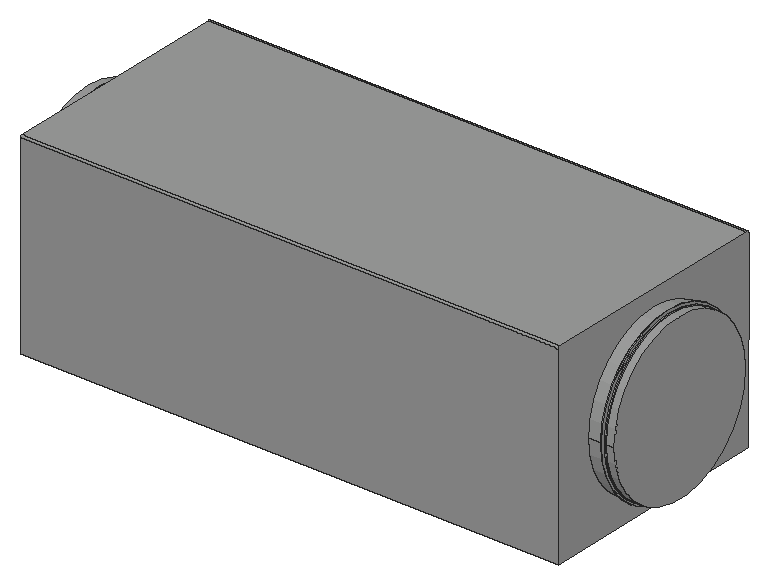
Revit family "Шумоглушитель круглый N", category Арматура воздуховодов, Revit 2019
Family settings
  Размер круглого соединителя = Использовать диаметр
  Тип детали = Вставляется
  Номер OmniClass = 23.75.00.00
  Заголовок OmniClass = Climate Control (HVAC)
  На основе рабочей плоскости = Нет
  Всегда вертикально = Нет
  При загрузке вырезать с полостями = Нет
  Общий = Нет
Parameters (values of type "N 9-315")
  Ширина = B  # 453 mm
  Материал = RAL 0000 Серый металл
  Длина горизонт пластины = 2 * B / 3  # 302 mm
  Длина вертикаль пластины = 2 * B / 3  # 302 mm
  Длина УГО = L  # 1028 mm
  Длина = L  # 1028 mm
  Высота = H  # 372 mm
  d = 315 mm
  L = 1028 mm
  H = 372 mm
  D+4.5 = D + 4.5 mm  # 161 mm
  D+0.5 = D + 0.5 mm  # 157 mm
  D = 156.5 mm
  B = 453 mm
  ADSK_Примечание = "https://progress-nw.ru/shumoglushiteli/shumoglushiteli-kruglye-v-kompaktnom-korpuse/"  # constant formula
  ADSK_Позиция = ""
  ADSK_Наименование = "Шумоглушитель для круглого сечения (компактный корпус)"  # constant formula
  ADSK_Масса_Текст = "17.0 кг"
  ADSK_Марка = "N 9-315 453х372"
  ADSK_Код изделия = ""
  ADSK_Завод-изготовитель = "Naveka"  # constant formula
  ADSK_Единица измерения = "шт."  # constant formula
Types (13, lengths in mm): name | Ширина | Длина горизонт пластины | Длина вертикаль пластины | Длина УГО | Длина | Высота | d | L | H | D+4.5 | D+0.5 | D | B | ADSK_Масса_Текст | ADSK_Марка
  (no name) | 453 | 302 | 302 | 1028 | 1028 | 372 | 315 | 1028 | 372 | 161 | 157 | 156.5 | 453 | "17.0 кг" | "N 9-315 453х372"
  N 6-100 | 210 | 140 | 140 | 628 | 628 | 158 | 100 | 628 | 158 | 53.5 | 49.5 | 49 | 210 | "4.2 кг" | "N 6-100 210х158"
  N 6-125 | 239 | 159.333 | 159.333 | 628 | 628 | 181 | 125 | 628 | 181 | 66 | 62 | 61.5 | 239 | "5.0 кг" | "N 6-125 239х181"
  N 6-160 | 275 | 183.333 | 183.333 | 628 | 628 | 218 | 160 | 628 | 218 | 83.5 | 79.5 | 79 | 275 | "6.1 кг" | "N 6-160 275х218"
  N 6-200 | 328 | 218.667 | 218.667 | 628 | 628 | 254 | 200 | 628 | 254 | 103.5 | 99.5 | 99 | 328 | "7.3 кг" | "N 6-200 328х254"
  N 6-250 | 390 | 260 | 260 | 628 | 628 | 308 | 250 | 628 | 308 | 128.5 | 124.5 | 124 | 390 | "9.0 кг" | "N 6-250 390х308"
  N 6-315 | 453 | 302 | 302 | 628 | 628 | 372 | 315 | 628 | 372 | 161 | 157 | 156.5 | 453 | "11.0 кг" | "N 6-315 453х372"
  N 9-100 | 210 | 140 | 140 | 1028 | 1028 | 158 | 100 | 1028 | 158 | 53.5 | 49.5 | 49 | 210 | "6.7 кг" | "N 9-100 210х158"
  N 9-125 | 239 | 159.333 | 159.333 | 1028 | 1028 | 181 | 125 | 1028 | 181 | 66 | 62 | 61.5 | 239 | "7.9 кг" | "N 9-125 239х181"
  N 9-160 | 275 | 183.333 | 183.333 | 1028 | 1028 | 218 | 160 | 1028 | 218 | 83.5 | 79.5 | 79 | 275 | "9.5 кг" | "N 9-160 275х218"
  N 9-200 | 328 | 218.667 | 218.667 | 1028 | 1028 | 254 | 200 | 1028 | 254 | 103.5 | 99.5 | 99 | 328 | "11.4 кг" | "N 9-200 328х254"
  N 9-250 | 390 | 260 | 260 | 1028 | 1028 | 308 | 250 | 1028 | 308 | 128.5 | 124.5 | 124 | 390 | "14.0 кг" | "N 9-250 390х308"
  N 9-315 | 453 | 302 | 302 | 1028 | 1028 | 372 | 315 | 1028 | 372 | 161 | 157 | 156.5 | 453 | "17.0 кг" | "N 9-315 453х372"
Reference planes
  plane 1 "По центру (Вперед/Назад)": y = 0
  plane 2: z = 0
  plane 3 "По центру (Влево/Вправо)": x = 0
  plane 4: y = 226.5
  plane 5: y = -226.5
  plane 6: x = 514
  plane 7: z = 186
  plane 8: z = -186
  plane 9: x = 539
  plane 10: x = 543
  plane 11: x = 544
  plane 12: x = 548
  plane 13: x = 564
  plane 14: x = -514
  plane 15: x = -539
  plane 16: x = -543
  plane 17: x = -544
  plane 18: x = -548
  plane 19: x = -564
Forms (mm)
  Extrusion 1, solid, material "RAL 0000 Серый металл" <- "Материал", detail levels fine
    sketch origin (0, 0, 0) x (0, 1, 0) y (0, 0, 1)
      loop
        circle (0, 0) r 156.5
    from 514 to 564
  Extrusion 2, solid, material "Каучук, черный", detail levels fine
    sketch origin (0, 0, -17.195) x (0, 1, 0) y (0, 0, 1)
      loop
        circle (0, 17.195) r 157
    from 539 to 548
  Extrusion 3, solid, material "Каучук, черный", detail levels fine
    sketch origin (0, 0, -17.195) x (0, 1, 0) y (0, 0, 1)
      loop
        circle (0, 17.195) r 161
    from 543 to 544
  Extrusion 4, solid, material "RAL 0000 Серый металл" <- "Материал", detail levels fine
    sketch origin (0, 0, 0) x (0, 1, 0) y (0, 0, -1)
      loop
        circle (0, 0) r 156.5
    from 514 to 564
  Extrusion 5, solid, material "Каучук, черный", detail levels fine
    sketch origin (0, 0, -17.195) x (0, 1, 0) y (0, 0, -1)
      loop
        circle (0, -17.195) r 157
    from 539 to 548
  Extrusion 6, solid, material "Каучук, черный", detail levels fine
    sketch origin (0, 0, -17.195) x (0, 1, 0) y (0, 0, -1)
      loop
        circle (0, -17.195) r 161
    from 543 to 544
  Extrusion 7, solid, material "RAL 0000 Серый металл" <- "Материал", detail levels fine
    sketch origin (0, 0, 0) x (0, 1, 0) y (0, 0, 1)
      loop
        line (223.475, 186) -> (-223.484, 186)
        arc (-223.484, 186) -> (-225.617, 185.117) -> (-226.5, 182.984) r 3.016
        line (-226.5, 182.984) -> (-226.5, -186) -> (226.5, -186) -> (226.5, 182.975)
        arc (226.5, 182.975) -> (225.614, 185.114) -> (223.475, 186) r 3.025
    from -514 to 514
Lines and regions (mm)
  model lines, not visible, detail levels medium
    curve 1: circle (0, 0, 0) r 75 normal (0, -1, 0)
    curve 2: line (75, 0, 0) -> (-46.678, 0, 58.704)
    curve 3: line (-47.5, 0, 58.041) -> (-47.5, 0, -58.041)
    curve 4: line (-46.678, 0, -58.704) -> (75, 0, 0)
  model lines, not visible, detail levels coarse
    curve 5: circle (0, 0, 0) r 95 normal (0, 0, 1)
    curve 6: line (95, 0, 0) -> (-55.84, 76.857, 0)
    curve 7: line (-55.84, 76.857, 0) -> (-55.84, -76.857, 0)
    curve 8: line (-55.84, -76.857, 0) -> (95, 0, 0)
Dimensions and locks
  "B": plane 5 to plane 4
  "L": plane 14 to plane 6
  equal spacing: plane 14, plane 3 "По центру (Влево/Вправо)", plane 6
  equal spacing: plane 5, plane 1 "По центру (Вперед/Назад)", plane 4
  equal spacing: plane 7, level, plane 8
  "H": plane 7 to plane 8
  locked: plane 6 to plane 9 at 25
  locked: plane 9 to plane 10 at 4
  locked: plane 10 to plane 11 at 1
  locked: plane 11 to plane 12 at 4
  locked: plane 12 to plane 13 at 16
  locked: plane 14 to plane 15 at 25
  locked: plane 15 to plane 16 at 4
  locked: plane 16 to plane 17 at 1
  locked: plane 17 to plane 18 at 4
  locked: plane 18 to plane 19 at 16
  "D": radius of Extrusion 1 sketch curve
  "D+0.5": radius of Extrusion 2 sketch curve
  "D+4.5": radius of Extrusion 3 sketch curve
  "D": radius of Extrusion 4 sketch curve
  "D+0.5": radius of Extrusion 5 sketch curve
  "D+4.5": radius of Extrusion 6 sketch curve
  aligned and locked: level to plane 2
  aligned and locked: plane 6 to Extrusion 1
  aligned and locked: Extrusion 1 to plane 13
  aligned and locked: level to Extrusion 1
  aligned and locked: level to Extrusion 2
  aligned and locked: Extrusion 3 to plane 11
  aligned and locked: plane 10 to Extrusion 3
  aligned and locked: level to Extrusion 3
  aligned and locked: Extrusion 4 to plane 19
  aligned and locked: Extrusion 5 to plane 18
  aligned and locked: Extrusion 6 to plane 17
  aligned and locked: plane 16 to Extrusion 6
  aligned and locked: plane 15 to Extrusion 5
  aligned and locked: plane 14 to Extrusion 4
  aligned and locked: Extrusion 7 to plane 14
  aligned and locked: Extrusion 7 to plane 6
  aligned and locked: plane 8 to Extrusion 7
  aligned and locked: Extrusion 2 to plane 12
  aligned and locked: plane 9 to Extrusion 2
  aligned and locked: plane 4 to nested 1
  aligned and locked: plane 5 to nested 2
  aligned and locked: plane 7 to nested 4
  aligned and locked: plane 8 to nested 5
Automatic sketch dimensions
  Extrusion 7 sketch curve to plane 5 = 0 mm
  Extrusion 7 sketch curve to plane 7 = 0 mm
  Extrusion 7 sketch curve to plane 4 = 0 mm
  plane 8 to Extrusion 7 sketch curve = 0 mm
  Extrusion 7 sketch curve to Extrusion 7 sketch curve = 3.016 mm
  Extrusion 7 sketch curve to plane 4 = 3.025 mm
  curve 1 to curve 4 = 75 mm
  curve 1 to curve 2 = 0 mm
  curve 4 to curve 1 = 46.678 mm
  curve 2 to curve 1 = 46.678 mm
  curve 3 to curve 4 = 0.822 mm
  Extrusion 1 sketch curve to level = 0 mm
  Extrusion 1 sketch curve to plane 1 "По центру (Вперед/Назад)" = 0 mm
  Extrusion 2 sketch curve to level = 0 mm
  Extrusion 2 sketch curve to plane 1 "По центру (Вперед/Назад)" = 0 mm
  Extrusion 3 sketch curve to level = 0 mm
  Extrusion 3 sketch curve to plane 1 "По центру (Вперед/Назад)" = 0 mm
  Extrusion 4 sketch curve to level = 0 mm
  Extrusion 4 sketch curve to plane 1 "По центру (Вперед/Назад)" = 0 mm
  Extrusion 5 sketch curve to level = 0 mm
  Extrusion 5 sketch curve to plane 1 "По центру (Вперед/Назад)" = 0 mm
  Extrusion 6 sketch curve to level = 0 mm
  Extrusion 6 sketch curve to plane 1 "По центру (Вперед/Назад)" = 0 mm
Nested families
  nested 1: "УГО граней" at (0, 0, 186), type "УГО граней", detail levels medium+fine
  nested 2: "УГО граней" at (0, 0, -186) x (-1, 0, 0) z (0, 0, -1), type "УГО граней", detail levels medium+fine
  nested 3: "УГО" at (0, 0, 0), type "УГО", detail levels coarse
  nested 4: "УГО граней" at (0, -226.5, 0) x (1, 0, 0) z (0, -1, 0), type "УГО граней 2", detail levels medium+fine
  nested 5: "УГО граней" at (0, 226.5, 0) x (1, 0, 0) z (0, 1, 0), type "УГО граней 2", detail levels medium+fine
Connectors
  hvac at (-564, 0, 0), driven by "d"
    settings: on Extrusion 4, index 1, duct flow 0.0 L/s, flow factor 0, pres drop 0.0 Pa, loss coef 0, conn angle 0.00°, conn width 304.8 mm, conn height 304.8 mm, conn diameter 315 mm, duct sys type 28, conn prof type 0, flow config 0, flow direction 0, loss method 0, conn ref index 2, conn util no, is conn primary yes, conn desc ""
  hvac at (564, 0, 0), driven by "d"
    settings: on Extrusion 1, index 2, duct flow 0.0 L/s, flow factor 0, pres drop 0.0 Pa, loss coef 0, conn angle 0.00°, conn width 304.8 mm, conn height 304.8 mm, conn diameter 315 mm, duct sys type 28, conn prof type 0, flow config 0, flow direction 0, loss method 0, conn ref index 1, conn util no, is conn primary no, conn desc ""
Definition of nested family "УГО граней"
  Parameters
    Ширина = 500 mm
    Default Elevation = 1219.2 mm
    Длина = 1000 mm
    L пластин = 370 mm
  Reference planes
    plane 1 "По центру (Вперед/Назад)": y = 0
    plane 2: z = 0
    plane 3 "По центру (Влево/Вправо)": x = 0
    plane 4: y = 250
    plane 5: y = -250
    plane 6: x = -500
    plane 7: x = 500
  Forms (mm)
    Extrusion 1, solid
      sketch origin (0, 0, 0) x (1, 0, 0) y (0, 1, 0)
        loop
          line (-1219.2, 1219.2) -> (-1219.2, -1219.2) -> (1219.2, -1219.2) -> (1219.2, 1219.2) -> (-1219.2, 1219.2)
      from 0 to -304.8
  Lines and regions (mm)
    model lines
      curve 1: line (0, -250, 0) -> (0, 120, 0)
      curve 2: line (-250, -120, 0) -> (-250, 250, 0)
      curve 3: line (250, -120, 0) -> (250, 250, 0)
  Dimensions and locks
    "Длина": plane 6 to plane 7
    equal spacing: plane 6, plane 3 "По центру (Влево/Вправо)", plane 7
    equal spacing: plane 4, plane 1 "По центру (Вперед/Назад)", plane 5
    "Ширина": plane 4 to plane 5
    "L пластин": plane 4 to curve 2
    "L пластин": plane 4 to curve 3
    "L пластин": plane 5 to curve 1
    aligned and locked: plane 2 to Extrusion 1
    aligned and locked: level to Extrusion 1
    aligned and locked: plane 5 to curve 1
    aligned and locked: plane 4 to curve 3
    aligned and locked: plane 4 to curve 2
  Automatic sketch dimensions
    Extrusion 1 sketch curve to Extrusion 1 sketch curve = 2438.4 mm  (x2)
    curve 1 to plane 3 "По центру (Влево/Вправо)" = 0 mm
    curve 2 to plane 3 "По центру (Влево/Вправо)" = 250 mm
    plane 3 "По центру (Влево/Вправо)" to curve 3 = 250 mm
Definition of nested family "УГО"
  Parameters
    Y = 500 mm
    X = 1010 mm
    L пластин = 370 mm
  Reference planes
    plane 1 "По центру (Вперед/Назад)": y = 0
    plane 2: z = 0
    plane 3 "По центру (Влево/Вправо)": x = 0
    plane 4: y = 250
    plane 5: y = -250
    plane 6: x = -505
    plane 7: x = 505
  Lines and regions (mm)
    model lines
      curve 1: line (-505, 250, 0) -> (505, 250, 0)
      curve 2: line (-505, -250, 0) -> (-505, 250, 0)
      curve 3: line (505, -250, 0) -> (-505, -250, 0)
      curve 4: line (505, 250, 0) -> (505, -250, 0)
      curve 5: line (0, -250, 0) -> (0, 120, 0)
      curve 6: line (-250, -120, 0) -> (-250, 250, 0)
      curve 7: line (250, -120, 0) -> (250, 250, 0)
  Dimensions and locks
    "X": plane 6 to plane 7
    "Y": plane 5 to plane 4
    equal spacing: plane 5, plane 1 "По центру (Вперед/Назад)", plane 4
    equal spacing: plane 6, plane 3 "По центру (Влево/Вправо)", plane 7
    "L пластин": curve 6 to plane 4
    "L пластин": curve 5 to plane 5
    "L пластин": curve 7 to plane 4
    aligned and locked: level to plane 2
    aligned and locked: plane 4 to curve 1
    aligned and locked: plane 5 to curve 3
    aligned and locked: curve 2 to plane 6
    aligned and locked: curve 4 to plane 7
  Automatic sketch dimensions
    curve 5 to plane 3 "По центру (Влево/Вправо)" = 0 mm
    curve 6 to plane 3 "По центру (Влево/Вправо)" = 250 mm
    plane 3 "По центру (Влево/Вправо)" to curve 7 = 250 mm
